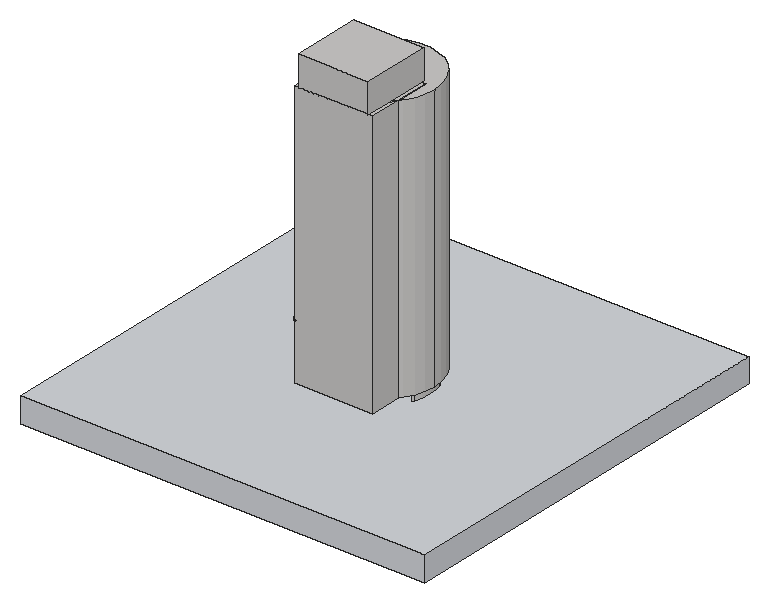
Revit family "DC_Rheem_PLM_HeavyDutyGas_631265", category Plumbing Fixtures, host Face, Revit 2018
Family settings
  Host = Face
  Round Connector Dimension = Use Radius
  Part Type = Normal
  Cut with Voids When Loaded = No
  Shared = No
  Room Calculation Point = No
Parameters (values of type "Heavy Duty Gas Storage - Outdoor - 265L - 100 MJ/h - Propane gas")
  URL = "http://www.rheem.com.au/CommercialProducts"
  Type Comments = "650L first hour delivery @ 50oC rise\r\n"
  TopDiameterD1_ANZRS = 189.215 mm
  T&PRValveRadius_ANZRS = 16 mm
  Thickness_ANZRS = 35.2 mm
  Model = "631265P0\r\n"
  Materials_ANZRS = Rheem - Joey Grey Steel
  Manufacturer = "Rheem\r\n"
  HotWaterOutletPipeRadius_ANZRS = HotWaterOutletPipeDiameter_ANZRS / 2  # 16 mm
  HotWaterOutletPipeDiameter_ANZRS = 32 mm
  GasInletPipeRadius_ANZRS = 10 mm
  DesignBy_ANZRS = "Design Content ©\r\n"
  Description = "Heavy Duty Gas Storage - Outdoor - 265L - 100 MJ/h - Propane gas"
  Default Elevation = 0 mm
  CylinderRadius_ANZRS = CylinderDiameterD2_ANZRS / 2  # 304 mm
  CylinderDiameterD2_ANZRS = 608 mm
  ColdWaterInletPipeRadius_ANZRS = ColdWaterInletPipeDiameter_ANZRS / 2  # 16 mm
  ColdWaterInletPipeDiameter_ANZRS = 32 mm
  Author_ANZRS = "DM"
  Assembly Code = ""
Types (3, lengths in mm): name | Model | HotWaterOutletPipeRadius_ANZRS | HotWaterOutletPipeDiameter_ANZRS | Description | ColdWaterInletPipeRadius_ANZRS | ColdWaterInletPipeDiameter_ANZRS
  (no name) | "631265P0\r\n" | 16 | 32 | "Heavy Duty Gas Storage - Outdoor - 265L - 100 MJ/h - Propane gas" | 16 | 32
  Heavy Duty Gas Storage - Outdoor - 265L - 110 MJ/h - Natural gas | "631265N0\r\n" | 0 | 0 | " Heavy Duty Gas Storage - Outdoor - 265L - 110 MJ/h - Natural gas\r\n" | 0 | 0
  Heavy Duty Gas Storage - Outdoor - 265L - 100 MJ/h - Propane gas | "631265P0\r\n" | 16 | 32 | "Heavy Duty Gas Storage - Outdoor - 265L - 100 MJ/h - Propane gas" | 16 | 32
Reference planes
  plane 1 "Center (Front/Back)": y = 0
  plane 2: z = 0
  plane 3 "Center (Left/Right)": x = 0
  plane 4: y = 304
  plane 5: y = -304
  plane 6: x = -304
  plane 7: x = 304
  plane 8: z = 1655
  plane 9: z = 1835
  plane 10 "Gas ref": y = -356
  plane 11: y = -403
  plane 12: z = 380
  plane 13: x = -339.2
  plane 14: x = 339.2
  plane 15: y = 339.2
  plane 16: y = -339.2
  plane 17 "base": z = 0
  plane 18: z = 50
  plane 19: z = 700
  plane 20: z = 1450
  plane 21: z = 525
  plane 22: x = -314
  plane 23: x = -294
  plane 24 "B": through (0, 0, 18000) normal (0.7071, 0.7071, 0)
  plane 25 "A": through (0, 0, 18000) normal (0.809, 0.5878, 0)
  plane 26: x = 210
  plane 27: x = -210
  plane 28: y = 32
  plane 29: through (0, 0, 18000) normal (0.5, -0.866, 0)
  plane 30 "Gas": through (-254.384, -197.181, 18000) normal (-0.809, -0.5878, 0)
Forms (mm)
  Extrusion 1, solid
    sketch origin (0, 0, 0) x (1, 0, 0) y (0, 1, 0)
      loop
        line (-1219.2, 1219.2) -> (-1219.2, -1219.2) -> (1219.2, -1219.2) -> (1219.2, 1219.2) -> (-1219.2, 1219.2)
    from 0 to -150
  Extrusion 2, solid, material "Rheem - Joey Grey Steel" <- "Materials_ANZRS"
    sketch origin (0, 0, 0) x (1, 0, 0) y (0, 1, 0)
      loop
        circle (0, 0) r 304
    from 50 to 1655
  Extrusion 3, solid, material "Rheem - Joey Grey Steel" <- "Materials_ANZRS"
    sketch origin (0, 0, 0) x (-1, 0, 0) y (0, -1, 0)
      loop
        arc (-94.842, -259.609) -> (-0.125, -276.391) -> (94.607, -259.695) r 276.391
        arc (94.607, -259.695) -> (101.483, -245.707) -> (86.761, -240.589) r 10.405
        arc (86.761, -240.589) -> (0, -255.755) -> (-86.761, -240.589) r 255.755
        arc (-86.761, -240.589) -> (-101.457, -245.572) -> (-94.842, -259.609) r 10.4
      loop
        arc (-259.378, 94.986) -> (-276.223, 0) -> (-259.378, -94.986) r 276.223
        arc (-259.378, -94.986) -> (-246.992, -100.773) -> (-240.589, -88.694) r 9.92
        arc (-240.589, -88.694) -> (-256.417, 0) -> (-240.589, 88.694) r 256.417
        arc (-240.589, 88.694) -> (-246.992, 100.773) -> (-259.378, 94.986) r 9.92
      loop
        arc (259.378, 94.986) -> (246.992, 100.773) -> (240.589, 88.694) r 9.92
        arc (240.589, 88.694) -> (256.417, 0) -> (240.589, -88.694) r 256.417
        arc (240.589, -88.694) -> (246.992, -100.773) -> (259.378, -94.986) r 9.92
        arc (259.378, -94.986) -> (276.223, 0) -> (259.378, 94.986) r 276.223
      loop
        arc (-94.842, 259.609) -> (-101.457, 245.572) -> (-86.761, 240.589) r 10.4
        arc (-86.761, 240.589) -> (0, 255.755) -> (86.761, 240.589) r 255.755
        arc (86.761, 240.589) -> (101.483, 245.707) -> (94.607, 259.695) r 10.405
        arc (94.607, 259.695) -> (-0.125, 276.391) -> (-94.842, 259.609) r 276.391
    from 0 to 50
  Extrusion 4, solid, material "Rheem - Joey Grey Steel" <- "Materials_ANZRS"
    sketch origin (0, 0, 0) x (1, 0, 0) y (0, 1, 0)
      loop
        line (-235, 20.887) -> (-235, -383.613) -> (235, -383.613) -> (235, 20.887) -> (-235, 20.887)
    from 50 to 1655
  Extrusion 5, solid, material "Rheem - Joey Grey Steel" <- "Materials_ANZRS"
    sketch origin (0, 0, -610) x (1, 0, 0) y (0, 1, 0)
      loop
        line (-210, -383.613) -> (210, -383.613) -> (210, 32) -> (-210, 32) -> (-210, -383.613)
    from 2265 to 2445
  Extrusion 6, solid, material "Rheem - Joey Grey Steel" <- "Materials_ANZRS"
    sketch origin (0, 0, 0) x (0, 1, 0) y (0, 0, 1)
      loop
        circle (0, 1450) r 16
      loop
        circle (0, 700) r 16
    from -314 to -294
  Extrusion 7, solid, material "Rheem - Joey Grey Steel" <- "Materials_ANZRS"
    sketch origin (-235, -383.613, 0) x (0, 1, 0) y (0, 0, -1)
      loop
        circle (27.613, -380) r 10
    from -47.999 to 20
Cuts and joins
  joined: Extrusion 2, Extrusion 3, Extrusion 5, Extrusion 6
Lines and regions (mm)
  Masking region 1
    outline origin (0, 0, 0) x (1, 0, 0) y (0, 1, 0)
      loop
        line (-339.2, 339.2) -> (-339.2, -339.2) -> (-235, -339.2) -> (-235, -356.613) -> (-210, -356.613) -> (-210, -403) -> (210, -403) -> (210, -356.613) -> (235, -356.613) -> (235, -339.2) -> (339.2, -339.2) -> (339.2, 339.2) -> (-339.2, 339.2)
  Masking region 2
    outline origin (0, 0, 0) x (1, 0, 0) y (0, 0, 1)
      loop
        line (-210, 1835) -> (-210, 1655) -> (-304, 1655) -> (-304, 1482) -> (-314, 1482) -> (-314, 1418) -> (-304, 1418) -> (-304, 732) -> (-314, 732) -> (-314, 668) -> (-304, 668) -> (-304, 50) -> (-276.764, 50) -> (-276.764, 0) -> (276.764, 0) -> (276.764, 50) -> (304, 50) -> (304, 1655) -> (210, 1655) -> (210, 1835) -> (-210, 1835)
  Masking region 3
    outline origin (0, 0, 0) x (0, 1, 0) y (0, 0, 1)
      loop
        line (32, 1835) -> (-403, 1835) -> (-403, 50) -> (-276.856, 50) -> (-276.856, 0) -> (276.856, 0) -> (276.856, 50) -> (304, 50) -> (304, 1655) -> (32, 1655) -> (32, 1835)
  model lines, style "Rheem Heavy Duty Gas Storage"
    curve 1: line (-121.5, -383.613, 700) -> (121.5, -383.613, 700)
    curve 2: line (-121.5, -383.613, 275) -> (-121.5, -383.613, 700)
    curve 3: line (171.5, -383.613, 275) -> (-171.5, -383.613, 275)
    curve 4: line (121.5, -383.613, 700) -> (121.5, -383.613, 275)
    curve 60: line (171.5, -383.613, 275) -> (171.5, -383.613, 50)
    curve 63: line (-171.5, -383.613, 275) -> (-171.5, -383.613, 50)
    curve 64: line (-121.5, -383.613, 1450) -> (121.5, -383.613, 1450)
    curve 65: line (-121.5, -383.613, 1207) -> (-121.5, -383.613, 1450)
    curve 66: line (121.5, -383.613, 1450) -> (121.5, -383.613, 1207)
    curve 67: line (-121.5, -383.613, 1207) -> (121.5, -383.613, 1207)
    curve 106: circle (0, -304, 380) r 10 normal (1, 0, 0)
  symbolic lines, style "Rheem Heavy Duty Gas Storage", detail levels fine
    curve 5: line (0, 32, 1835) -> (0, -403, 1835)
    curve 6: line (0, 32, 1655) -> (0, 32, 1835)
    curve 7: line (0, -403, 1655) -> (0, 32, 1655)
    curve 8: line (0, -403, 1835) -> (0, -403, 1655)
    curve 9: line (0, 304, 1655) -> (0, -188.296, 1655)
    curve 10: line (0, 304, 50) -> (0, 304, 1655)
    curve 11: line (0, -188.296, 50) -> (0, 304, 50)
    curve 12: line (0, -188.296, 1655) -> (0, -188.296, 50)
    curve 13: line (0, -403, 50) -> (0, -188.296, 50)
    curve 14: line (0, -403, 1655) -> (0, -403, 50)
    curve 15: line (0, -188.296, 1655) -> (0, -403, 1655)
    curve 16: line (0, 276.856, 0) -> (0, 276.856, 50)
    curve 17: line (0, 239.457, 0) -> (0, 276.856, 0)
    curve 18: line (0, 239.457, 50) -> (0, 239.457, 0)
    curve 19: line (0, -276.856, 0) -> (0, -276.856, 50)
    curve 20: line (0, -239.457, 0) -> (0, -276.856, 0)
    curve 21: line (0, -239.457, 50) -> (0, -239.457, 0)
    curve 22: line (0, 101.601, 0) -> (0, -109.101, 0)
    curve 23: line (0, 101.601, 50) -> (0, 101.601, 0)
    curve 24: line (0, -109.101, 0) -> (0, -109.101, 50)
    curve 29: line (-304, 0, 1655) -> (304, 0, 1655)
    curve 30: line (-304, 0, 50) -> (-304, 0, 1655)
    curve 31: line (304, 0, 50) -> (-304, 0, 50)
    curve 32: line (304, 0, 1655) -> (304, 0, 50)
    curve 33: line (-210, 0, 1835) -> (210, 0, 1835)
    curve 34: line (-210, 0, 1655) -> (-210, 0, 1835)
    curve 35: line (210, 0, 1655) -> (-210, 0, 1655)
    curve 36: line (210, 0, 1835) -> (210, 0, 1655)
    curve 37: line (-100.986, 0, 50) -> (100.33, 0, 50)
    curve 38: line (-100.986, 0, 0) -> (-100.986, 0, 50)
    curve 39: line (100.33, 0, 50) -> (100.33, 0, 0)
    curve 40: line (-276.764, 0, 50) -> (-232.662, 0, 50)
    curve 41: line (-276.764, 0, 0) -> (-276.764, 0, 50)
    curve 42: line (-232.662, 0, 50) -> (-232.662, 0, 0)
    curve 43: line (276.764, 0, 50) -> (232.662, 0, 50)
    curve 44: line (276.764, 0, 0) -> (276.764, 0, 50)
    curve 45: line (232.662, 0, 50) -> (232.662, 0, 0)
    curve 46: line (-210, 32, 0) -> (210, 32, 0)
    curve 47: line (-210, -403, 0) -> (-210, 32, 0)
    curve 48: line (210, -403, 0) -> (-210, -403, 0)
    curve 49: line (210, 32, 0) -> (210, -403, 0)
    curve 50: line (-210, 20.887, 0) -> (-235, 20.887, 0)
    curve 51: line (-235, 20.887, 0) -> (-235, -383.613, 0)
    curve 52: line (-235, -383.613, 0) -> (-210, -383.613, 0)
    curve 53: line (210, -383.613, 0) -> (235, -383.613, 0)
    curve 54: line (235, -383.613, 0) -> (235, 20.887, 0)
    curve 55: line (235, 20.887, 0) -> (210, 20.887, 0)
    curve 56: arc (235, -189.09, 0) -> (0, 301.629, 0) -> (-235, -189.09, 0) r 301.629
    curve 57: line (-304, 0, 732) -> (-314, 0, 732)
    curve 58: line (-314, 0, 732) -> (-314, 0, 668)
    curve 59: line (-314, 0, 668) -> (-304, 0, 668)
    curve 61: line (-235, -383.613, 1655) -> (-235, -383.613, 50)
    curve 62: line (235, -383.613, 50) -> (235, -383.613, 1655)
    curve 80: line (0, -147.144, 1459.952) -> (0, -170.569, 1459.952)
    curve 81: arc (0, -147.144, 1459.952) -> (0, -140.284, 1450.082) -> (0, -146.902, 1440.048) r 10.718
    curve 82: arc (0, -170.569, 1459.952) -> (0, -176.066, 1450.041) -> (0, -170.719, 1440.048) r 11.844
    curve 83: arc (0, -152.525, 1432.161) -> (0, -133.045, 1457.251) -> (0, -164.695, 1459.952) r 18.077
    curve 84: arc (0, -152.525, 1425.087) -> (0, -119.16, 1460.762) -> (0, -168, 1459.952) r 26.529
    curve 85: line (0, -146.902, 1440.048) -> (0, -170.719, 1440.048)
    curve 86: arc (0, -152.525, 1430.426) -> (0, -122.044, 1453.135) -> (0, -157.764, 1466.13) r 21.593
    curve 87: line (0, -152.525, 1440.048) -> (0, -152.525, 1420.926)
    curve 88: line (0, -152.525, 1420.926) -> (0, -167.525, 1420.926)
    curve 89: line (0, -167.525, 1440.048) -> (0, -167.525, 1420.926)
    curve 90: arc (0, -165.622, 1459.952) -> (0, -160.125, 1450.041) -> (0, -165.472, 1440.048) r 11.844
    curve 91: arc (-252.224, -383.613, 1476.401) -> (-242.568, -383.613, 1450.029) -> (-252.224, -383.613, 1423.657) r 40.842
    curve 92: line (-252.224, -383.613, 1476.401) -> (-260.278, -383.613, 1476.401)
    curve 93: line (-252.224, -383.613, 1423.657) -> (-260.278, -383.613, 1423.657)
    curve 94: arc (-260.278, -383.613, 1476.401) -> (-265.456, -383.613, 1468.621) -> (-268.73, -383.613, 1459.869) r 40.842
    curve 95: spline (-268.492, -383.613, 1459.869) -> (-265.86, -383.613, 1465.478) -> (-262.354, -383.613, 1468.279) -> (-258.61, -383.613, 1467.763) -> (-255.309, -383.613, 1464.025) -> (-253.048, -383.613, 1457.742) -> (-252.238, -383.613, 1450.054) -> (-253.026, -383.613, 1442.357) -> (-255.269, -383.613, 1436.046) -> (-258.561, -383.613, 1432.267) -> (-262.302, -383.613, 1431.705) -> (-265.816, -383.613, 1434.463) -> (-268.465, -383.613, 1440.039)
    curve 96: line (-260.807, -383.613, 1459.869) -> (-295.807, -383.613, 1459.869)
    curve 97: line (-260.807, -383.613, 1440.039) -> (-275.326, -383.613, 1440.039)
    curve 98: arc (-260.807, -383.613, 1459.869) -> (-256.296, -383.613, 1449.954) -> (-260.807, -383.613, 1440.039) r 13.151
    curve 99: arc (-295.807, -383.613, 1459.869) -> (-300.876, -383.613, 1449.954) -> (-295.807, -383.613, 1440.039) r 12.23
    curve 100: line (-275.326, -383.613, 1440.039) -> (-275.326, -383.613, 1420.926)
    curve 101: line (-275.326, -383.613, 1420.926) -> (-295.204, -383.613, 1420.926)
    curve 102: line (-295.204, -383.613, 1420.926) -> (-295.204, -383.613, 1440.039)
    curve 103: arc (-295.204, -383.613, 1440.039) -> (-285.265, -383.613, 1440.788) -> (-275.326, -383.613, 1440.039) r 66.375
    curve 104: line (-295.204, -383.613, 1440.039) -> (-295.807, -383.613, 1440.039)
    curve 105: arc (-268.693, -383.613, 1440.039) -> (-265.421, -383.613, 1431.368) -> (-260.278, -383.613, 1423.657) r 40.842
  symbolic lines, detail levels fine
    curve 25: arc (0, 16, 1450) -> (0, 0, 1466) -> (0, -16, 1450) r 16
    curve 26: arc (0, -16, 1450) -> (0, 0, 1434) -> (0, 16, 1450) r 16
    curve 27: arc (0, 16, 700) -> (0, 0, 716) -> (0, -16, 700) r 16
    curve 28: arc (0, -16, 700) -> (0, 0, 684) -> (0, 16, 700) r 16
  symbolic lines, style "Rheem Heavy Duty Gas Storage"
    curve 68: line (-121.5, -383.613, 1450) -> (121.5, -383.613, 1450)
    curve 69: line (-121.5, -383.613, 1207) -> (-121.5, -383.613, 1450)
    curve 70: line (121.5, -383.613, 1207) -> (-121.5, -383.613, 1207)
    curve 71: line (121.5, -383.613, 1450) -> (121.5, -383.613, 1207)
    curve 72: line (-121.5, -383.613, 700) -> (121.5, -383.613, 700)
    curve 73: line (-121.5, -383.613, 275) -> (-121.5, -383.613, 700)
    curve 74: line (121.5, -383.613, 275) -> (-121.5, -383.613, 275)
    curve 75: line (121.5, -383.613, 700) -> (121.5, -383.613, 275)
    curve 76: line (-171.5, -383.613, 275) -> (171.5, -383.613, 275)
    curve 77: line (-171.5, -383.613, 50) -> (-171.5, -383.613, 275)
    curve 78: line (171.5, -383.613, 50) -> (-171.5, -383.613, 50)
    curve 79: line (171.5, -383.613, 275) -> (171.5, -383.613, 50)
    curve 107: line (-235, -383.613, 390) -> (-255, -383.613, 390)
    curve 108: line (-255, -383.613, 390) -> (-255, -383.613, 370)
    curve 109: line (-255, -383.613, 370) -> (-235, -383.613, 370)
Dimensions and locks
  equal spacing: plane 4, plane 1 "Center (Front/Back)", plane 5
  "CylinderDiameterD2_ANZRS": plane 4 to plane 5
  equal spacing: plane 6, plane 3 "Center (Left/Right)", plane 7
  "CylinderDiameterD2_ANZRS": plane 6 to plane 7
  plane 8 to plane 17 "base" = 1655 mm
  plane 9 to plane 17 "base" = 1835 mm
  plane 4 to plane 10 "Gas ref" = 660 mm
  plane 4 to plane 11 = 707 mm
  "Thickness_ANZRS": plane 13 to plane 6
  "Thickness_ANZRS": plane 7 to plane 14
  "Thickness_ANZRS": plane 15 to plane 4
  "Thickness_ANZRS": plane 16 to plane 5
  locked: plane 18 to plane 17 "base" at 50
  plane 12 to plane 17 "base" = 380 mm
  plane 20 to plane 17 "base" = 1450 mm
  plane 22 to plane 6 to plane 23 = 10 mm locked, 10 mm locked
  equal spacing: plane 27, plane 3 "Center (Left/Right)", plane 26
  plane 27 to plane 26 = 420 mm
  equal spacing: Extrusion 4 sketch curve, plane 3 "Center (Left/Right)", Extrusion 4 sketch curve
  Extrusion 4 sketch curve to Extrusion 4 sketch curve = 470 mm
  plane 19 to plane 17 "base" = 700 mm
  "CylinderRadius_ANZRS": radius of Extrusion 2 sketch curve
  "HotWaterOutletPipeRadius_ANZRS": radius of Extrusion 6 sketch curve
  "ColdWaterInletPipeRadius_ANZRS": radius of Extrusion 6 sketch curve
  aligned and locked: plane 2 to Extrusion 1
  aligned and locked: level to Extrusion 1
  aligned and locked: plane 3 "Center (Left/Right)" to Extrusion 2 sketch curve
  aligned and locked: plane 1 "Center (Front/Back)" to Extrusion 2 sketch curve
  aligned and locked: plane 8 to Extrusion 2
  aligned and locked: Extrusion 2 to plane 18
  aligned: Extrusion 3 to Extrusion 2
  aligned and locked: Extrusion 2 to Extrusion 4  (x2)
  aligned: Extrusion 5 to plane 21
  aligned and locked: plane 1 "Center (Front/Back)" to Extrusion 6 sketch curve  (x2)
  aligned and locked: plane 20 to Extrusion 6 sketch curve
  aligned and locked: plane 19 to Extrusion 6 sketch curve
  aligned and locked: Extrusion 6 to plane 22
  aligned and locked: Extrusion 6 to plane 23
  aligned: cut or joined group of Extrusion 2, Extrusion 3, Extrusion 5, Extrusion 6 to plane 26
  aligned: cut or joined group of Extrusion 2, Extrusion 3, Extrusion 5, Extrusion 6 to plane 27
  aligned and locked: plane 28 to Extrusion 5 sketch curve
  aligned and locked: Extrusion 5 sketch curve to plane 26
  aligned and locked: plane 9 to Extrusion 5
  aligned and locked: Extrusion 5 to Extrusion 2
  aligned and locked: curve 33 to cut or joined group of Extrusion 2, Extrusion 3, Extrusion 5, Extrusion 6
  aligned and locked: curve 34 to cut or joined group of Extrusion 2, Extrusion 3, Extrusion 5, Extrusion 6
  aligned and locked: curve 35 to curve 29
  aligned and locked: curve 36 to cut or joined group of Extrusion 2, Extrusion 3, Extrusion 5, Extrusion 6
  aligned and locked: plane 10 "Gas ref" to Extrusion 7 sketch curve
  aligned and locked: curve 25 to cut or joined group of Extrusion 2, Extrusion 3, Extrusion 5, Extrusion 6
  aligned and locked: curve 27 to cut or joined group of Extrusion 2, Extrusion 3, Extrusion 5, Extrusion 6
Automatic sketch dimensions
  Extrusion 1 sketch curve to Extrusion 1 sketch curve = 2438.4 mm  (x2)
  Extrusion 5 sketch curve to plane 27 = 0 mm
  plane 11 to Extrusion 5 sketch curve = 19.387 mm
  plane 11 to Extrusion 4 sketch curve = 19.387 mm
  Extrusion 4 sketch curve to plane 28 = 11.113 mm
  curve 47 to plane 11 = 0 mm
  curve 47 to plane 27 = 0 mm
  plane 1 "Center (Front/Back)" to curve 56 = 0 mm
  curve 56 to plane 3 "Center (Left/Right)" = 0 mm
  curve 49 to plane 26 = 0 mm
  curve 47 to plane 28 = 0 mm
  curve 53 to curve 53 = 25 mm
  curve 47 to curve 52 = 19.387 mm
  curve 48 to curve 53 = 19.387 mm
  curve 56 to plane 5 = 114.91 mm
  curve 54 to plane 28 = 11.113 mm
  curve 50 to curve 46 = 11.113 mm
  Masking region 1 sketch curve to plane 13 = 0 mm
  plane 16 to Masking region 1 sketch curve = 0 mm  (x2)
  Masking region 1 sketch curve to plane 11 = 0 mm
  Masking region 1 sketch curve to plane 27 = 0 mm
  Masking region 1 sketch curve to plane 26 = 0 mm
  Masking region 1 sketch curve to plane 14 = 0 mm
  Masking region 1 sketch curve to plane 15 = 0 mm
  Masking region 1 sketch curve to plane 27 = 25 mm
  Masking region 1 sketch curve to plane 26 = 25 mm
  plane 16 to Masking region 1 sketch curve = 17.413 mm  (x2)
  curve 84 to curve 86 = 0 mm  (x2)
  curve 83 to plane 20 = 0 mm
  curve 84 to plane 20 = 0 mm
  curve 90 to plane 20 = 0.048 mm
  curve 90 to plane 5 = 132.031 mm
  curve 90 to curve 82 = 1.25 mm
  curve 90 to curve 80 = 1.4 mm
  curve 82 to curve 84 = 2.569 mm
  curve 82 to curve 89 = 3.193 mm
  curve 84 to curve 90 = 2.378 mm
  curve 89 to curve 90 = 2.053 mm
  curve 90 to curve 83 = 0.927 mm
  curve 82 to plane 20 = 0.048 mm
  curve 83 to curve 86 = 6.931 mm
  curve 81 to plane 20 = 0.048 mm
  curve 87 to curve 81 = 1.524 mm
  curve 81 to curve 83 = 1.397 mm
  curve 83 to curve 80 = 2.46 mm
  curve 83 to curve 84 = 6.196 mm
  curve 86 to curve 83 = 1.735 mm
  curve 84 to curve 86 = 5.339 mm
  curve 87 to curve 84 = 4.161 mm
  curve 59 to plane 22 = 0 mm
  curve 31 to plane 6 = 0 mm
  curve 41 to plane 18 = 0 mm
  curve 41 to plane 17 "base" = 0 mm
  curve 42 to plane 17 "base" = 0 mm
  curve 38 to plane 17 "base" = 0 mm
  curve 38 to plane 18 = 0 mm
  curve 39 to plane 17 "base" = 0 mm
  curve 45 to plane 17 "base" = 0 mm
  curve 45 to plane 18 = 0 mm
  curve 44 to plane 17 "base" = 0 mm
  plane 7 to curve 31 = 0 mm
  curve 31 to plane 18 = 0 mm
  curve 30 to plane 8 = 0 mm
  curve 41 to plane 23 = 17.236 mm
  curve 42 to plane 27 = 22.662 mm
  curve 38 to plane 3 "Center (Left/Right)" = 100.986 mm
  plane 3 "Center (Left/Right)" to curve 37 = 100.33 mm
  curve 45 to plane 26 = 22.662 mm
  curve 44 to curve 31 = 27.236 mm
  curve 59 to plane 19 = 32 mm
  plane 19 to curve 57 = 32 mm
  Masking region 2 sketch curve to plane 22 = 0 mm  (x2)
  Masking region 2 sketch curve to plane 6 = 0 mm  (x3)
  Masking region 2 sketch curve to plane 18 = 0 mm  (x2)
  Masking region 2 sketch curve to plane 17 "base" = 0 mm
  Masking region 2 sketch curve to plane 8 = 0 mm  (x2)
  Masking region 2 sketch curve to plane 27 = 0 mm
  Masking region 2 sketch curve to plane 9 = 0 mm
  plane 26 to Masking region 2 sketch curve = 0 mm
  plane 7 to Masking region 2 sketch curve = 0 mm
  Masking region 2 sketch curve to plane 23 = 17.236 mm
  plane 7 to Masking region 2 sketch curve = 27.236 mm
  Masking region 2 sketch curve to plane 19 = 32 mm
  plane 19 to Masking region 2 sketch curve = 32 mm
  Masking region 2 sketch curve to plane 20 = 32 mm
  plane 20 to Masking region 2 sketch curve = 32 mm
  Masking region 3 sketch curve to plane 9 = 0 mm
  Masking region 3 sketch curve to plane 18 = 0 mm  (x2)
  Masking region 3 sketch curve to plane 17 "base" = 0 mm
  Masking region 3 sketch curve to plane 8 = 0 mm
  Masking region 3 sketch curve to plane 28 = 0 mm
  Masking region 3 sketch curve to plane 4 = 0 mm
  Masking region 3 sketch curve to plane 10 "Gas ref" = 47 mm
  Masking region 3 sketch curve to plane 5 = 27.144 mm
  Masking region 3 sketch curve to plane 4 = 27.144 mm
  Extrusion 4 to Extrusion 7 sketch curve = 330 mm
  curve 50 to plane 27 = 25 mm
  curve 94 to curve 105 = 0 mm  (x2)
  curve 62 to Extrusion 4 = 0 mm  (x3)
  curve 78 to Extrusion 4 = 0 mm
  curve 107 to Extrusion 4 = 0 mm
  curve 61 to Extrusion 4 = 0 mm  (x2)
  curve 79 to Extrusion 4 = 63.5 mm
  curve 71 to Extrusion 4 = 113.5 mm
  curve 72 to Extrusion 4 = 113.5 mm
  Extrusion 4 to curve 68 = 113.5 mm
  Extrusion 4 to curve 1 = 113.5 mm
  Extrusion 4 to curve 63 = 63.5 mm
  Extrusion 4 to curve 105 = 5.909 mm
  curve 91 to Extrusion 4 = 17.224 mm  (x2)
  curve 109 to curve 108 = 20 mm
  curve 91 to curve 92 = 8.054 mm
  curve 91 to curve 93 = 8.054 mm
  curve 93 to curve 97 = 0.529 mm
  curve 94 to curve 96 = 0.529 mm
  curve 96 to curve 95 = 0.238 mm
  curve 97 to curve 95 = 7.657 mm
  curve 98 to curve 95 = 7.685 mm
  curve 95 to curve 105 = 0.228 mm
  curve 95 to curve 94 = 0.238 mm
  curve 95 to curve 98 = 8.401 mm
  curve 98 to curve 95 = 0.406 mm
  curve 105 to curve 101 = 15.048 mm
  curve 103 to curve 91 = 8.085 mm
  curve 100 to curve 103 = 9.939 mm
  curve 91 to curve 99 = 5.235 mm
  curve 100 to curve 102 = 19.878 mm
  curve 103 to curve 104 = 0.603 mm
  curve 99 to curve 96 = 7.161 mm
  Extrusion 4 to curve 92 = 178.599 mm
  curve 94 to curve 99 = 16.532 mm
  curve 96 to curve 91 = 9.84 mm
  Extrusion 4 to curve 68 = 205 mm
  curve 105 to curve 100 = 2.731 mm
  curve 101 to curve 103 = 46.514 mm
  curve 103 to curve 69 = 167.412 mm
  curve 66 to curve 4 = 507 mm
  curve 1 to curve 107 = 310 mm
  curve 107 to curve 109 = 20 mm
  curve 79 to curve 60 = 225 mm
  curve 75 to curve 4 = 0 mm
  Extrusion 3 sketch curve to Extrusion 3 sketch curve = 0 mm  (x56)
  plane 1 "Center (Front/Back)" to Extrusion 3 sketch curve = 0 mm
  Extrusion 3 sketch curve to plane 3 "Center (Left/Right)" = 0 mm
  plane 3 "Center (Left/Right)" to Extrusion 3 sketch curve = 86.761 mm  (x2)
  Extrusion 3 sketch curve to Extrusion 3 sketch curve = 5.124 mm  (x2)
  Extrusion 3 sketch curve to Extrusion 3 sketch curve = 2.956 mm  (x2)
  Extrusion 3 sketch curve to plane 26 = 30.589 mm  (x2)
  Extrusion 3 sketch curve to Extrusion 3 sketch curve = 9.553 mm  (x4)
  Extrusion 3 sketch curve to Extrusion 3 sketch curve = 9.236 mm  (x4)
  Extrusion 3 sketch curve to plane 3 "Center (Left/Right)" = 86.761 mm  (x2)
  Extrusion 3 sketch curve to Extrusion 3 sketch curve = 5.097 mm  (x2)
  Extrusion 3 sketch curve to Extrusion 3 sketch curve = 2.749 mm  (x2)
  Extrusion 3 sketch curve to plane 27 = 30.589 mm  (x2)
  plane 28 to Extrusion 3 sketch curve = 56.694 mm  (x2)
  Extrusion 3 sketch curve to Extrusion 3 sketch curve = 2.672 mm  (x2)
  Extrusion 3 sketch curve to plane 4 = 63.411 mm
  Extrusion 3 sketch curve to Extrusion 3 sketch curve = 9.05 mm  (x2)
  Extrusion 3 sketch curve to plane 5 = 63.411 mm
  curve 5 to plane 9 = 0 mm
  curve 5 to plane 11 = 0 mm
  curve 106 to plane 5 = 0 mm
  curve 20 to level = 0 mm
  curve 19 to plane 18 = 0 mm
  curve 12 to plane 8 = 0 mm
  curve 24 to level = 0 mm
  curve 7 to plane 28 = 0 mm
  curve 18 to level = 0 mm
  curve 10 to plane 4 = 0 mm
  curve 106 to plane 12 = 0 mm
  curve 20 to plane 5 = 27.144 mm
  curve 19 to curve 21 = 37.4 mm
  curve 21 to curve 11 = 51.161 mm
  curve 11 to curve 24 = 79.195 mm
  plane 28 to curve 23 = 69.601 mm
  curve 18 to plane 4 = 64.543 mm
  curve 16 to plane 4 = 27.144 mm
  radius of Extrusion 7 sketch curve = 10 mm
  radius of curve 106 = 10 mm
Nested families
  nested 1: "Rheem Valve" at (-278.586, -160.84, 1450) x (0.5, -0.866, 0) z (0, 0, 1), type "Rheem Valve"
Connectors
  piping at (-314, 0, 1450), diameter 32, driven by "HotWaterOutletPipeRadius_ANZRS"
    settings: on cut or joined group of Extrusion 2, Extrusion 3, Extrusion 5, Extrusion 6, index 1, connector inside diameter 1.25984", connector length 0 mm, flow factor 0, pipe flow 0 GPM, pressure drop 0.00 psi, fitting loss kfactor 0, connector angle 0.00°, fixture units 0, engagement length 0 mm, angle of deflection 0.00°, flow configuration 1, flow direction 2, fitting loss method 0, system type 19, joint type 0, gender type 0, connector reference index -1, connector utility 0, adjustable connector no, is connector primary yes, connector description ""
  piping at (-314, 0, 700), diameter 32, driven by "ColdWaterInletPipeRadius_ANZRS"
    settings: on cut or joined group of Extrusion 2, Extrusion 3, Extrusion 5, Extrusion 6, index 2, connector inside diameter 1.25984", connector length 0 mm, flow factor 0, pipe flow 0 GPM, pressure drop 0.00 psi, fitting loss kfactor 0, connector angle 0.00°, fixture units 0, engagement length 0 mm, angle of deflection 0.00°, flow configuration 1, flow direction 1, fitting loss method 0, system type 20, joint type 0, gender type 0, connector reference index -1, connector utility 0, adjustable connector no, is connector primary no, connector description ""
  piping at (-285.204, -164.66, 1420.926), diameter 20
    settings: on nested 1, index 5, connector inside diameter 0.7874", connector length 0 mm, flow factor 0, pipe flow 0 GPM, pressure drop 0.00 psi, fitting loss kfactor 0, connector angle 0.00°, fixture units 0, engagement length 0 mm, angle of deflection 0.00°, flow configuration 1, flow direction 2, fitting loss method 0, system type 16, joint type 0, gender type 0, connector reference index -1, connector utility 0, adjustable connector no, is connector primary no, connector description ""
  piping at (-255, -356, 380), diameter 20
    settings: on Extrusion 7, index 6, connector inside diameter 0.7874", connector length 0 mm, flow factor 0, pipe flow 0 GPM, pressure drop 0.00 psi, fitting loss kfactor 0, connector angle 0.00°, fixture units 0, engagement length 0 mm, angle of deflection 0.00°, flow configuration 1, flow direction 1, fitting loss method 0, system type 22, joint type 0, gender type 0, connector reference index -1, connector utility 0, adjustable connector no, is connector primary no, connector description "Gas"
Definition of nested family "Rheem Valve"
  Parameters
    Material_ANZRS = none
    Assembly Code = ""
  Reference planes
    plane 1 "Center (Front/Back)": y = 0
    plane 2: z = 0
    plane 3 "Center (Left/Right)": x = 0
  Forms (mm)
    Extrusion 1, solid, material <- "Material_ANZRS"
      sketch origin (0, 0, 0) x (1, 0, 0) y (0, 1, 0)
        loop
          circle (0, -7.641) r 10
      from 0 to -29.074
    Revolve 2, solid, material <- "Material_ANZRS"
      sketch origin (0, 0, 0) x (1, 0, 0) y (0, 1, 0)
        loop
          line (-27.668, 40) -> (-27.668, 25.616) -> (-18.681, 20) -> (-9.939, 20) -> (-9.939, -20) -> (0, -20) -> (0, 40) -> (-27.668, 40)
        axis (0, 40) -> (0, -20)
      angle from 0 to 360
  Dimensions and locks
    aligned and locked: level to plane 2
